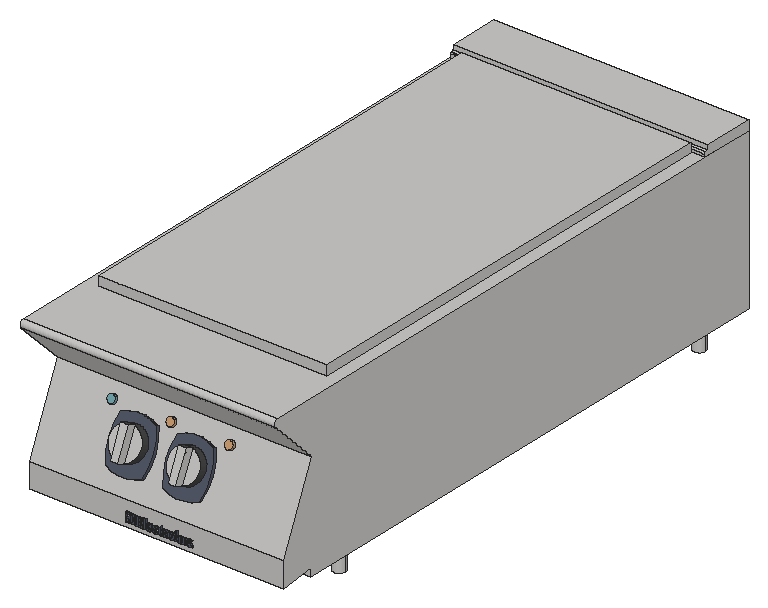
Revit family "QF_ELECTROLUXPROFESSIONAL_391046_E9HOED2000", category Specialty Equipment, Revit 2018
Family settings
  Round Connector Dimension = Use Diameter
  Part Type = Normal
  Work Plane-Based = No
  Always vertical = Yes
  Cut with Voids When Loaded = No
  Shared = No
  Room Calculation Point = No
Parameters
  Width = 400 mm  # constant formula
  Weight in Pounds = 60  # constant formula
  Watts = 7000 VA  # 7000 W
  Volts = 400 V  # constant formula
  URL Cutsheet = "www.electrolux.com/foodservice"
  URL = "www.electrolux.com/foodservice"
  Type Mark [instance] = ""
  Status [instance] = ""
  Specification by User [instance] = ""
  Specification by Manufacturer = ""
  Show Logo [instance] = yes
  Show Clearance [instance] = yes
  Serial Number = ""
  Seismic Rating = ""
  SMACNA No = ""
  Revision Code [instance] = ""
  Phase = 3  # constant formula
  Omniclass Number and Title = ""
  Number of Poles [instance] = 1
  NAFEM Spec ID Number = ""
  Model = "391046"
  Min Ckt Ampacity = 0 A
  Max Overcurrent Protection = 0 A
  Masterspec = ""
  Manufacturer = "ELECTROLUX"
  Item Number [instance] = ""
  Installed By [instance] = ""
  Identify Quantity as Lot [instance] = yes
  Height = 290 mm  # constant formula
  HP = "9.4 HP"
  Furnished By [instance] = ""
  Foodservice Equipment Identifier [instance] = yes
  FL Amps = if(Phase = 3, Watts / (Volts * 1.73), Watts / Volts)  # 10.1156 A
  Electrical Remarks [instance] = "400 V/3N ph/50/60 Hz"  # constant formula
  Electric Connection Type [instance] = ""
  Elec Conn RI Height [instance] = 0 mm
  Elec Conn Connection Height [instance] = 0 mm
  Direct Waste Size = 0"
  Description = "900XP HALF MODULE ELECTRIC HOB COOKING TOP WITH MILD STEEL TOP-400 V"
  Depth = 930 mm  # constant formula
  Cycle = if([60 Hertz Option], 60 Hz, 50 Hz)  # 60 Hz
  Conn Plug = ""
  Conn Conduit = yes
  CSI MasterFormat = ""
  CSI Master Format = ""
  Base Height [instance] = 24 mm  # constant formula
  Apparent Power = if(Phase = 3, Volts * FL Amps * 1.73, Volts * FL Amps)  # 7000 VA
  60 Hertz Option = not([50 Hertz Option])  # yes
  50 Hertz Option = no
Reference planes
  plane 1 "BACK": y = 0
  plane 2: z = 0
  plane 3 "LEFT": x = 0
  plane 4 "RIGHT": x = 400
  plane 5 "FRONT": y = -930
  plane 6 "TOP": z = 290
  plane 7 "Center Y": x = 200
  plane 8 "Center X": y = -465
  plane 9 "BASE": z = 24
  plane 10 "TOP A": z = 275
  plane 11: y = -790
  plane 12: y = -82
  plane 13: z = 55
  plane 14: y = 39
Forms (mm)
  Extrusion 1, solid, material "QF_Finishes_Stainless Steel"
    sketch origin (0, 0, 0) x (0, 1, 0) y (0, 0, 1)
      loop
        line (0, 275) -> (-925.027, 275)
        arc (-925.027, 275) -> (-930.893, 271.08) -> (-929.517, 264.16) r 6.35
        line (-929.517, 264.16) -> (-857.416, 191.809) -> (-913.522, 69.19) -> (-913.522, 31.09) -> (-860.4, 36.7) -> (-860.4, 24) -> (0, 24) -> (0, 275)
    from 0 to 400
  Extrusion 2, solid, material "QF_Finishes_Stainless Steel"
    sketch origin (0, 0, 0) x (1, 0, 0) y (0, 1, 0)
      loop
        circle (11.112, -82) r 9.525
      loop
        circle (388.887, -82) r 9.525
      loop
        circle (11.112, -790) r 9.525
      loop
        circle (388.887, -790) r 9.525
    from 0 to 24
  Extrusion 3, solid, material "QF_Clearances", visible <- "Show Clearance", detail levels coarse
    sketch origin (0, 0, 0) x (1, 0, 0) y (0, 1, 0)
      loop
        line (0, -930) -> (0, 0) -> (400, 0) -> (400, -930) -> (550.019, -930) -> (550.019, 150.019) -> (-150.019, 150.019) -> (-150.019, -930) -> (0, -930)
    from 0 to 290
  Extrusion 4, solid, material "QF_Finishes_Navy Blue"
    sketch origin (835.325, -913.522, 69.19) x (0, 0.416078, 0.909329) y (-1, 0, 0)
      loop
        arc (101.077, 723.085) -> (66.2, 730.102) -> (31.333, 723.04) r 89.894
        arc (31.333, 723.04) -> (24.638, 694.51) -> (31.333, 665.979) r 64.14
        arc (31.333, 665.979) -> (66.2, 658.914) -> (101.077, 665.935) r 89.853
        arc (101.077, 665.935) -> (107.792, 694.51) -> (101.077, 723.085) r 64.16
      loop
        arc (101.077, 633.085) -> (66.2, 640.102) -> (31.333, 633.04) r 89.894
        arc (31.333, 633.04) -> (24.638, 604.51) -> (31.333, 575.979) r 64.14
        arc (31.333, 575.979) -> (66.2, 568.914) -> (101.077, 575.935) r 89.853
        arc (101.077, 575.935) -> (107.792, 604.51) -> (101.077, 633.085) r 64.16
    from 0 to 3.175
  Extrusion 5, solid, material "QF_Finishes_Stainless Steel"
    sketch origin (835.325, -916.409, 70.511) x (0, 0.416078, 0.909329) y (-1, 0, 0)
      loop
        circle (68.826, 604.332) r 25.4
      loop
        circle (68.826, 695.582) r 25.4
    from 0 to 12.7
  Extrusion 6, solid, material "QF_Finishes_Stainless Steel"
    sketch origin (835.325, -927.958, 75.796) x (0, 0.416078, 0.909329) y (-1, 0, 0)
      loop
        line (93.558, 610.119) -> (44.094, 610.119)
        arc (44.094, 610.119) -> (43.426, 604.332) -> (44.094, 598.546) r 25.4
        line (44.094, 598.546) -> (93.558, 598.546)
        arc (93.558, 598.546) -> (94.226, 604.332) -> (93.558, 610.119) r 25.4
      loop
        line (93.558, 701.369) -> (44.094, 701.369)
        arc (44.094, 701.369) -> (43.426, 695.582) -> (44.094, 689.796) r 25.4
        line (44.094, 689.796) -> (93.558, 689.796)
        arc (93.558, 689.796) -> (94.226, 695.582) -> (93.558, 701.369) r 25.4
    from 0 to 12.7
  Extrusion 7, solid, material "QF_Finishes_Stainless Steel"
    sketch origin (800, 0, 0) x (0, 1, 0) y (0, 0, 1)
      loop
        line (0, 290) -> (-80, 290) -> (-80, 283.447)
        arc (-80, 283.447) -> (-80.635, 281.914) -> (-82.167, 281.279) r 2.167
        line (-82.167, 281.279) -> (-83.733, 281.279)
        arc (-83.733, 281.279) -> (-84.629, 280.908) -> (-85, 280.012) r 1.267
        line (-85, 280.012) -> (-85, 275) -> (0, 275) -> (0, 290)
    from -800 to -400
  Extrusion 8, solid, material "QF_Finishes_Polymer"
    sketch origin (0, -913.522, 69.19) x (0, 0.416078, 0.909329) y (-1, 0, 0)
      loop
        circle (111.417, -94.398) r 6.35
    from 0 to 3.175
  Extrusion 9, solid, material "QF_Finishes_Navy Blue", visible <- "Show Logo"
    sketch origin (0, -915, 31.09) x (0, 0, 1) y (-1, 0, 0)
      loop
        line (22.074, -162.506) -> (9.707, -162.506)
        arc (9.707, -162.506) -> (15.891, -167.078) -> (22.074, -162.506) r 6.467
      loop
        arc (22.074, -161.877) -> (20.905, -156.734) -> (16.249, -154.256) r 6.338
        line (16.249, -154.256) -> (16.249, -156.302)
        arc (16.249, -156.302) -> (17.733, -159.957) -> (21.178, -161.877) r 5.941
        line (21.178, -161.877) -> (22.074, -161.877)
      loop
        arc (10.603, -161.877) -> (14.048, -159.957) -> (15.532, -156.302) r 5.941
        line (15.532, -156.302) -> (15.532, -154.256)
        arc (15.532, -154.256) -> (10.838, -156.73) -> (9.548, -161.877) r 6.504
        line (9.548, -161.877) -> (10.603, -161.877)
      loop
        line (22.749, -153.787) -> (9.004, -153.787) -> (9.004, -167.55) -> (22.749, -167.55) -> (22.749, -153.787)
      loop
        arc (22.832, -170.518) -> (22.485, -170.16) -> (22.118, -170.498) r 0.358
        arc (22.118, -170.498) -> (21.804, -171.248) -> (21.087, -171.633) r 1.216
        line (21.087, -171.633) -> (10.674, -171.633)
        arc (10.674, -171.633) -> (10.014, -171.356) -> (9.618, -170.759) r 1.238
        arc (9.618, -170.759) -> (9.223, -170.508) -> (8.918, -170.862) r 0.358
        line (8.918, -170.862) -> (8.918, -180.741) -> (11.669, -180.741) -> (11.669, -179.844)
        arc (11.669, -179.844) -> (10.76, -179.264) -> (10.304, -178.287) r 1.928
        line (10.304, -178.287) -> (10.304, -175.788)
        arc (10.304, -175.788) -> (10.58, -175.059) -> (11.268, -174.695) r 1.101
        line (11.268, -174.695) -> (15.355, -174.695) -> (15.355, -178.369)
        arc (15.355, -178.369) -> (15.002, -178.866) -> (14.437, -179.094) r 1.083
        arc (14.437, -179.094) -> (14.173, -179.399) -> (14.465, -179.677) r 0.292
        line (14.465, -179.677) -> (17.428, -179.677)
        arc (17.428, -179.677) -> (17.73, -179.404) -> (17.492, -179.074) r 0.305
        arc (17.492, -179.074) -> (17.001, -178.826) -> (16.696, -178.369) r 1.083
        line (16.696, -178.369) -> (16.696, -174.695) -> (21.373, -174.695) -> (21.373, -178.443)
        arc (21.373, -178.443) -> (21.159, -179.198) -> (20.553, -179.696) r 1.314
        arc (20.553, -179.696) -> (20.334, -180.1) -> (20.688, -180.393) r 0.361
        line (20.688, -180.393) -> (22.832, -180.393) -> (22.832, -170.518)
      loop
        arc (22.115, -181.173) -> (21.735, -182.092) -> (20.816, -182.472) r 1.299
        line (20.816, -182.472) -> (11.237, -182.472)
        arc (11.237, -182.472) -> (10.399, -182.094) -> (10.128, -181.216) r 1.118
        line (10.128, -181.216) -> (8.918, -181.216) -> (8.918, -186.566) -> (10.106, -186.566)
        arc (10.106, -186.566) -> (10.378, -185.649) -> (11.248, -185.253) r 1.153
        line (11.248, -185.253) -> (23.32, -185.253) -> (22.115, -181.173)
      loop
        line (13.883, -189.202) -> (13.883, -195.65) -> (14.682, -195.65)
        arc (14.682, -195.65) -> (17.262, -194.665) -> (18.531, -192.212) r 3.874
        line (18.531, -192.212) -> (18.531, -190.451)
        arc (18.531, -190.451) -> (17.344, -187.586) -> (14.48, -186.4) r 4.051
        line (14.48, -186.4) -> (12.472, -186.4)
        arc (12.472, -186.4) -> (9.653, -187.885) -> (8.602, -190.892) r 4.352
        arc (8.602, -190.892) -> (8.966, -193.355) -> (10.343, -195.429) r 5.713
        line (10.343, -195.429) -> (11.292, -195.429)
        arc (11.292, -195.429) -> (10.56, -193.86) -> (10.343, -192.142) r 5.579
        arc (10.343, -192.142) -> (11.137, -190.179) -> (13.016, -189.202) r 3.057
        line (13.016, -189.202) -> (13.883, -189.202)
      loop
        line (15.142, -189.202) -> (15.142, -192.784)
        arc (15.142, -192.784) -> (16.599, -192.832) -> (17.482, -191.672) r 1.59
        line (17.482, -191.672) -> (17.482, -190.842)
        arc (17.482, -190.842) -> (16.617, -189.587) -> (15.142, -189.202) r 2.184
      loop
        arc (17.933, -205.067) -> (18.422, -203.393) -> (18.579, -201.656) r 9.023
        line (18.579, -201.656) -> (18.579, -200.294)
        arc (18.579, -200.294) -> (17.42, -197.494) -> (14.62, -196.335) r 3.959
        line (14.62, -196.335) -> (12.02, -196.335)
        arc (12.02, -196.335) -> (9.738, -197.627) -> (8.621, -200) r 4.331
        line (8.621, -200) -> (8.621, -202.135)
        arc (8.621, -202.135) -> (9.129, -203.685) -> (10.051, -205.031) r 5.772
        arc (10.051, -205.031) -> (10.812, -205.082) -> (10.899, -204.323) r 0.553
        arc (10.899, -204.323) -> (10.511, -203.589) -> (10.377, -202.77) r 2.573
        line (10.377, -202.77) -> (10.377, -201.255)
        arc (10.377, -201.255) -> (11.383, -199.614) -> (13.198, -198.971) r 2.884
        line (13.198, -198.971) -> (14.477, -198.971)
        arc (14.477, -198.971) -> (16.298, -199.531) -> (17.224, -201.196) r 2.554
        line (17.224, -201.196) -> (17.224, -202.249)
        arc (17.224, -202.249) -> (16.893, -203.177) -> (16.236, -203.912) r 2.564
        arc (16.236, -203.912) -> (16.014, -204.629) -> (16.623, -205.067) r 0.643
        line (16.623, -205.067) -> (17.933, -205.067)
      loop
        line (16.915, -205.337) -> (16.915, -206.838) -> (10.867, -206.838)
        arc (10.867, -206.838) -> (9.279, -207.496) -> (8.621, -209.084) r 2.246
        line (8.621, -209.084) -> (8.621, -210.668)
        arc (8.621, -210.668) -> (8.935, -211.533) -> (9.435, -212.304) r 4.06
        arc (9.435, -212.304) -> (10.168, -212.437) -> (10.419, -211.736) r 0.576
        arc (10.419, -211.736) -> (10.313, -211.211) -> (10.377, -210.678) r 1.69
        arc (10.377, -210.678) -> (10.919, -209.89) -> (11.825, -209.587) r 1.506
        line (11.825, -209.587) -> (16.963, -209.587) -> (16.963, -211.984) -> (17.519, -212.541) -> (18.341, -212.541) -> (18.341, -209.681) -> (21.572, -209.681) -> (16.915, -205.337)
      loop
        line (8.838, -213.438) -> (8.838, -218.825) -> (9.948, -218.825)
        arc (9.948, -218.825) -> (10.342, -217.874) -> (11.293, -217.48) r 1.345
        line (11.293, -217.48) -> (14.909, -217.48)
        arc (14.909, -217.48) -> (15.674, -218.072) -> (15.964, -218.994) r 1.615
        line (15.964, -218.994) -> (15.964, -220.55) -> (18.519, -221.235) -> (18.519, -219.852) -> (16.577, -217.293) -> (18.457, -217.293) -> (18.173, -214.587)
        arc (18.173, -214.587) -> (17.733, -214.057) -> (17.074, -214.258) r 0.621
        arc (17.074, -214.258) -> (16.674, -214.6) -> (16.18, -214.783) r 1.501
        line (16.18, -214.783) -> (11.293, -214.783)
        arc (11.293, -214.783) -> (10.342, -214.389) -> (9.948, -213.438) r 1.345
        line (9.948, -213.438) -> (8.838, -213.438)
      loop
        line (14.94, -220.772) -> (12.248, -220.772)
        arc (12.248, -220.772) -> (9.803, -222.08) -> (8.669, -224.611) r 4.288
        arc (8.669, -224.611) -> (8.605, -225.991) -> (8.669, -227.371) r 15.022
        arc (8.669, -227.371) -> (9.803, -229.902) -> (12.248, -231.209) r 4.288
        line (12.248, -231.209) -> (14.94, -231.209)
        arc (14.94, -231.209) -> (17.386, -229.902) -> (18.519, -227.371) r 4.288
        arc (18.519, -227.371) -> (18.583, -225.991) -> (18.519, -224.611) r 15.022
        arc (18.519, -224.611) -> (17.386, -222.08) -> (14.94, -220.772) r 4.288
      loop
        line (15.145, -223.886) -> (12.043, -223.886)
        arc (12.043, -223.886) -> (9.886, -226.043) -> (12.043, -228.2) r 2.157
        line (12.043, -228.2) -> (15.145, -228.2)
        arc (15.145, -228.2) -> (17.302, -226.043) -> (15.145, -223.886) r 2.157
      loop
        arc (22.126, -231.068) -> (21.755, -231.962) -> (20.861, -232.332) r 1.264
        line (20.861, -232.332) -> (10.997, -232.332)
        arc (10.997, -232.332) -> (10.127, -231.935) -> (9.855, -231.019) r 1.153
        line (9.855, -231.019) -> (8.918, -231.019) -> (8.918, -236.127) -> (9.846, -236.127)
        arc (9.846, -236.127) -> (10.205, -235.355) -> (10.997, -235.04) r 1.153
        line (10.997, -235.04) -> (23.32, -235.04) -> (22.126, -231.068)
      loop
        arc (17.246, -235.665) -> (17.047, -236.729) -> (16.078, -237.211) r 1.215
        line (16.078, -237.211) -> (11.058, -237.211)
        arc (11.058, -237.211) -> (9.443, -237.859) -> (8.722, -239.442) r 2.338
        line (8.722, -239.442) -> (8.722, -240.956)
        arc (8.722, -240.956) -> (8.897, -241.96) -> (9.399, -242.846) r 2.979
        line (9.399, -242.846) -> (8.918, -244.643) -> (8.918, -246.332) -> (18.343, -246.332) -> (18.049, -242.128) -> (17.263, -242.128)
        arc (17.263, -242.128) -> (16.907, -242.964) -> (16.155, -243.473) r 1.605
        line (16.155, -243.473) -> (11.052, -243.473)
        arc (11.052, -243.473) -> (10.632, -242.536) -> (10.559, -241.512) r 2.94
        arc (10.559, -241.512) -> (11.12, -240.411) -> (12.273, -239.968) r 1.724
        line (12.273, -239.968) -> (18.47, -239.968) -> (17.246, -235.665)
      loop
        line (18.274, -247.185) -> (16.602, -249.231) -> (13.428, -251.537) -> (9.972, -248.425)
        arc (9.972, -248.425) -> (9.735, -248.031) -> (9.757, -247.572) r 0.789
        line (9.757, -247.572) -> (8.918, -247.572) -> (8.918, -251.117) -> (9.744, -251.117)
        arc (9.744, -251.117) -> (10.086, -250.755) -> (10.576, -250.847) r 0.52
        line (10.576, -250.847) -> (12.376, -252.318) -> (10.258, -253.694)
        arc (10.258, -253.694) -> (9.857, -253.384) -> (9.77, -252.884) r 0.7
        line (9.77, -252.884) -> (8.918, -252.884) -> (8.918, -258.811) -> (9.805, -258.811)
        arc (9.805, -258.811) -> (9.872, -258.152) -> (10.266, -257.621) r 1.247
        line (10.266, -257.621) -> (14.466, -254.34) -> (16.913, -256.393) -> (18.274, -258.135) -> (18.274, -254.412) -> (16.789, -254.834) -> (15.268, -253.557) -> (16.968, -252.367) -> (18.274, -253.144) -> (18.274, -247.185)
    from 0 to 1.644
  Revolve 10, solid, material "QF_Finishes_Stainless Steel"
    sketch origin (340, 0, 0) x (0, 1, 0) y (0, 0, 1)
      loop
        line (0, 55) -> (39, 55) -> (39, 71.995) -> (5, 71.995) -> (5, 65) -> (0, 65) -> (0, 55)
      axis (39, 55) -> (0, 55)
    angle from 0 to 360
  Extrusion 11, solid, material "QF_Finishes_Brown"
    sketch origin (92.832, -913.522, 69.19) x (0, 0.416078, 0.909329) y (-1, 0, 0)
      loop
        circle (111.417, -94.398) r 6.35
      loop
        circle (111.417, -186.636) r 6.35
    from 0 to 3.175
  Extrusion 12, solid, material "QF_Finishes_Stainless Steel"
    sketch origin (0, 0, 275) x (0, -1, 0) y (1, 0, 0)
      loop
        line (88, 20) -> (803, 20) -> (803, 380) -> (88, 380) -> (88, 20)
    from 0 to 15
Lines and regions (mm)
  symbolic lines, style "QF_Clearances", visible <- "Show Clearance", detail levels coarse
    curve 1: line (-150.019, 150.019, 275) -> (-150.019, -931.377, 275)
    curve 2: line (550.019, 150.019, 275) -> (-150.019, 150.019, 275)
    curve 3: line (550.019, -931.377, 275) -> (550.019, 150.019, 275)
  symbolic lines
    curve 4: line (0, 0, 275) -> (400, 0, 275)
    curve 5: line (0, -930, 275) -> (0, 0, 275)
    curve 6: line (400, 0, 275) -> (400, -930, 275)
    curve 7: line (400, -930, 275) -> (0, -930, 275)
    curve 8: line (20, -803, 268.65) -> (20, -88, 268.65)
    curve 9: line (20, -88, 268.65) -> (380, -88, 268.65)
    curve 10: line (380, -88, 268.65) -> (380, -803, 268.65)
    curve 11: line (380, -803, 268.65) -> (20, -803, 268.65)
    curve 12: line (0, -85, 268.65) -> (400, -85, 268.65)
    curve 13: line (0, -80, 268.65) -> (400, -80, 268.65)
Dimensions and locks
  equal spacing: plane 3 "LEFT", plane 7 "Center Y", plane 4 "RIGHT"
  "Width": plane 3 "LEFT" to plane 4 "RIGHT"
  equal spacing: plane 5 "FRONT", plane 8 "Center X", plane 1 "BACK"
  "Depth": plane 5 "FRONT" to plane 1 "BACK"
  "Height": plane 6 "TOP" to level
  "Base Height": plane 9 "BASE" to level
  plane 1 "BACK" to plane 5 "FRONT" = 930 mm
  plane 10 "TOP A" to plane 9 "BASE" = 251 mm  (x3)
  plane 1 "BACK" to plane 12 = 82 mm
  locked: plane 12 to plane 11 at 708
  plane 6 "TOP" to level = 290 mm
  plane 9 "BASE" to level = 24 mm
  Extrusion 1 sketch curve to Extrusion 1 sketch curve to Extrusion 1 sketch curve to Extrusion 1 sketch curve to Extrusion 1 sketch curve to Extrusion 1 sketch curve to Extrusion 1 sketch curve = 2.984 mm locked, 0 mm locked, 53.122 mm locked, 0 mm locked, 11.505 mm locked, 4.49 mm locked
  plane 12 to plane 1 "BACK" = 82 mm
  plane 11 to plane 12 = 708 mm
  plane 6 "TOP" to plane 2 = 290 mm
  Extrusion 2 sketch curve to plane 1 "BACK" = 82 mm
  Extrusion 2 sketch curve to plane 12 = 708 mm
  plane 13 to plane 2 = 55 mm
  plane 14 to plane 1 "BACK" = 39 mm
  Extrusion 12 sketch curve to plane 1 "BACK" = 88 mm
  Extrusion 12 sketch curve to Extrusion 12 sketch curve = 715 mm
  plane 6 "TOP" to plane 10 "TOP A" = 15 mm
  plane 9 "BASE" to plane 2 = 24 mm
  aligned and locked: level to plane 2
Automatic sketch dimensions
  curve 6 to plane 4 "RIGHT" = 0 mm
  curve 5 to plane 3 "LEFT" = 0 mm
  plane 1 "BACK" to curve 5 = 0 mm
  plane 5 "FRONT" to curve 7 = 0 mm
  plane 4 "RIGHT" to curve 3 = 150.019 mm
  plane 5 "FRONT" to curve 1 = 1.377 mm
  curve 1 to plane 3 "LEFT" = 150.019 mm
  plane 14 to curve 1 = 111.019 mm
  plane 5 "FRONT" to curve 3 = 1.377 mm
  Extrusion 1 sketch curve to plane 10 "TOP A" = 0 mm
  Extrusion 1 sketch curve to plane 9 "BASE" = 0 mm
  Extrusion 1 sketch curve to plane 1 "BACK" = 0 mm
  plane 11 to Extrusion 1 sketch curve = 67.416 mm
  plane 9 "BASE" to Extrusion 1 sketch curve = 7.09 mm
  plane 9 "BASE" to Extrusion 1 sketch curve = 12.7 mm
  plane 13 to Extrusion 1 sketch curve = 14.19 mm
  Extrusion 1 sketch curve to plane 10 "TOP A" = 83.191 mm
  Extrusion 1 sketch curve to plane 10 "TOP A" = 10.84 mm
  plane 11 to Extrusion 2 sketch curve = 0 mm
  plane 12 to Extrusion 2 sketch curve = 0 mm
  plane 3 "LEFT" to Extrusion 2 sketch curve = 11.112 mm  (x2)
  Extrusion 2 sketch curve to plane 4 "RIGHT" = 11.113 mm  (x2)
  Extrusion 3 sketch curve to plane 3 "LEFT" = 0 mm
  plane 1 "BACK" to Extrusion 3 sketch curve = 0 mm
  Extrusion 3 sketch curve to plane 4 "RIGHT" = 0 mm
  Extrusion 3 sketch curve to plane 3 "LEFT" = 150.019 mm
  plane 5 "FRONT" to Extrusion 3 sketch curve = 0 mm  (x2)
  plane 4 "RIGHT" to Extrusion 3 sketch curve = 150.019 mm
  plane 14 to Extrusion 3 sketch curve = 111.019 mm
  curve 12 to plane 4 "RIGHT" = 0 mm
  curve 13 to plane 4 "RIGHT" = 0 mm
  curve 13 to plane 3 "LEFT" = 0 mm
  curve 12 to plane 3 "LEFT" = 0 mm
  plane 11 to curve 11 = 13 mm
  curve 11 to plane 4 "RIGHT" = 20 mm
  plane 3 "LEFT" to curve 11 = 20 mm
  plane 12 to curve 9 = 6 mm
  plane 12 to curve 12 = 3 mm
  curve 13 to plane 12 = 2 mm
  Extrusion 4 sketch curve to Extrusion 1 = 31.333 mm  (x4)
  Extrusion 4 sketch curve to Extrusion 4 sketch curve = 12.3 mm  (x6)
  Extrusion 4 sketch curve to Extrusion 4 sketch curve = 34.925 mm  (x3)
  Extrusion 4 sketch curve to Extrusion 4 sketch curve = 0 mm
  Extrusion 4 sketch curve to Extrusion 4 sketch curve = 22.52 mm  (x2)
  Extrusion 1 to Extrusion 4 sketch curve = 114.883 mm
  Extrusion 4 sketch curve to Extrusion 4 sketch curve = 25.727 mm
  Extrusion 4 sketch curve to Extrusion 4 sketch curve = 25.771 mm
  Extrusion 4 sketch curve to Extrusion 4 sketch curve = 28.531 mm  (x2)
  Extrusion 4 sketch curve to Extrusion 4 sketch curve = 18.56 mm
  Extrusion 4 sketch curve to Extrusion 4 sketch curve = 32.85 mm
  Extrusion 4 sketch curve to Extrusion 4 sketch curve = 32.939 mm
  Extrusion 5 sketch curve to Extrusion 5 sketch curve = 0 mm
  Extrusion 5 sketch curve to Extrusion 5 sketch curve = 91.25 mm
  Extrusion 6 sketch curve to Extrusion 6 sketch curve = 24.732 mm  (x2)
  Extrusion 6 sketch curve to Extrusion 6 sketch curve = 0 mm  (x2)
  Extrusion 7 sketch curve to plane 10 "TOP A" = 0 mm
  Extrusion 7 sketch curve to plane 6 "TOP" = 0 mm
  Extrusion 7 sketch curve to plane 1 "BACK" = 0 mm
  Extrusion 7 sketch curve to plane 12 = 2 mm
  plane 12 to Extrusion 7 sketch curve = 0.167 mm
  Extrusion 7 sketch curve to Extrusion 7 sketch curve = 1.566 mm
  plane 12 to Extrusion 7 sketch curve = 3 mm
  Extrusion 7 sketch curve to Extrusion 7 sketch curve = 5.012 mm
  Extrusion 1 to Extrusion 8 sketch curve = 23.428 mm
  Extrusion 1 to Extrusion 8 sketch curve = 94.398 mm
  Extrusion 9 sketch curve to plane 7 "Center Y" = 0 mm
  plane 9 "BASE" to Extrusion 9 sketch curve = 10.651 mm
  Extrusion 9 sketch curve to plane 13 = 15.308 mm
  Extrusion 9 sketch curve to plane 13 = 15.289 mm
  Extrusion 9 sketch curve to Extrusion 9 sketch curve = 0 mm  (x28)
  Extrusion 9 sketch curve to Extrusion 9 sketch curve = 5.108 mm
  Extrusion 9 sketch curve to Extrusion 9 sketch curve = 0.054 mm
  Extrusion 9 sketch curve to Extrusion 9 sketch curve = 0.218 mm
  Extrusion 9 sketch curve to Extrusion 9 sketch curve = 0.195 mm
  Extrusion 9 sketch curve to Extrusion 9 sketch curve = 0.249 mm
  Extrusion 9 sketch curve to plane 13 = 14.992 mm
  Extrusion 9 sketch curve to Extrusion 9 sketch curve = 0.087 mm
  Extrusion 9 sketch curve to Extrusion 9 sketch curve = 0.358 mm
  Extrusion 9 sketch curve to Extrusion 9 sketch curve = 0.481 mm
  Extrusion 9 sketch curve to Extrusion 9 sketch curve = 0.597 mm
  Extrusion 9 sketch curve to Extrusion 9 sketch curve = 0.544 mm
  Extrusion 9 sketch curve to Extrusion 9 sketch curve = 0.936 mm
  Extrusion 9 sketch curve to Extrusion 9 sketch curve = 0.594 mm
  Extrusion 9 sketch curve to Extrusion 9 sketch curve = 0.343 mm
  Extrusion 9 sketch curve to Extrusion 9 sketch curve = 0.159 mm
  Extrusion 9 sketch curve to Extrusion 9 sketch curve = 0.826 mm
  Extrusion 9 sketch curve to Extrusion 9 sketch curve = 0.839 mm
  Extrusion 9 sketch curve to Extrusion 9 sketch curve = 0.852 mm
  Extrusion 9 sketch curve to Extrusion 9 sketch curve = 0.887 mm
  Extrusion 9 sketch curve to Extrusion 9 sketch curve = 0.928 mm
  Extrusion 9 sketch curve to Extrusion 9 sketch curve = 0.938 mm
  Extrusion 9 sketch curve to Extrusion 9 sketch curve = 0.444 mm
  Extrusion 9 sketch curve to Extrusion 9 sketch curve = 1.11 mm  (x3)
  Extrusion 9 sketch curve to Extrusion 9 sketch curve = 0.215 mm
  Extrusion 9 sketch curve to Extrusion 9 sketch curve = 1.43 mm
  Extrusion 9 sketch curve to Extrusion 9 sketch curve = 1.188 mm
  Extrusion 9 sketch curve to Extrusion 9 sketch curve = 1.21 mm  (x2)
  Extrusion 9 sketch curve to Extrusion 9 sketch curve = 0.503 mm
  Extrusion 9 sketch curve to Extrusion 9 sketch curve = 0.488 mm
  Extrusion 9 sketch curve to Extrusion 9 sketch curve = 0.462 mm
  Extrusion 9 sketch curve to Extrusion 9 sketch curve = 1.386 mm
  Extrusion 9 sketch curve to Extrusion 9 sketch curve = 1.742 mm  (x2)
  Extrusion 9 sketch curve to Extrusion 9 sketch curve = 0.821 mm
  Extrusion 9 sketch curve to Extrusion 9 sketch curve = 0.497 mm
  Extrusion 9 sketch curve to Extrusion 9 sketch curve = 0.539 mm
  Extrusion 9 sketch curve to Extrusion 9 sketch curve = 0.199 mm
  Extrusion 9 sketch curve to Extrusion 9 sketch curve = 0.408 mm
  Extrusion 9 sketch curve to Extrusion 9 sketch curve = 0.743 mm
  Extrusion 9 sketch curve to Extrusion 9 sketch curve = 1.16 mm
  Extrusion 9 sketch curve to Extrusion 9 sketch curve = 0.329 mm
  Extrusion 9 sketch curve to Extrusion 9 sketch curve = 1.054 mm
  Extrusion 9 sketch curve to Extrusion 9 sketch curve = 1.056 mm
  Extrusion 9 sketch curve to Extrusion 9 sketch curve = 0.129 mm
  Extrusion 9 sketch curve to Extrusion 9 sketch curve = 0.489 mm
  Extrusion 9 sketch curve to Extrusion 9 sketch curve = 0.441 mm
  Extrusion 9 sketch curve to Extrusion 9 sketch curve = 1.151 mm
  Extrusion 9 sketch curve to Extrusion 9 sketch curve = 1.141 mm  (x2)
  Extrusion 9 sketch curve to Extrusion 9 sketch curve = 0.768 mm
  Extrusion 9 sketch curve to Extrusion 9 sketch curve = 1.653 mm
  Extrusion 9 sketch curve to Extrusion 9 sketch curve = 0.499 mm
  Extrusion 9 sketch curve to Extrusion 9 sketch curve = 0.964 mm
  Extrusion 9 sketch curve to Extrusion 9 sketch curve = 0.949 mm
  Extrusion 9 sketch curve to Extrusion 9 sketch curve = 1.345 mm  (x2)
  Extrusion 9 sketch curve to Extrusion 9 sketch curve = 1.101 mm
  Extrusion 9 sketch curve to Extrusion 9 sketch curve = 0.432 mm
  Extrusion 9 sketch curve to Extrusion 9 sketch curve = 1.142 mm
  Extrusion 9 sketch curve to Extrusion 9 sketch curve = 0.959 mm
  Extrusion 9 sketch curve to Extrusion 9 sketch curve = 0.176 mm
  Extrusion 9 sketch curve to Extrusion 9 sketch curve = 0.728 mm
  Extrusion 9 sketch curve to Extrusion 9 sketch curve = 3.375 mm  (x2)
  Extrusion 9 sketch curve to Extrusion 9 sketch curve = 0.541 mm
  Extrusion 9 sketch curve to Extrusion 9 sketch curve = 0.955 mm
  Extrusion 9 sketch curve to Extrusion 9 sketch curve = 1.251 mm
  Extrusion 9 sketch curve to Extrusion 9 sketch curve = 0.572 mm
  Extrusion 9 sketch curve to Extrusion 9 sketch curve = 1.92 mm
  Extrusion 9 sketch curve to Extrusion 9 sketch curve = 1.224 mm
  Extrusion 9 sketch curve to Extrusion 9 sketch curve = 0.745 mm
  plane 7 "Center Y" to Extrusion 9 sketch curve = 0.572 mm
  Extrusion 9 sketch curve to Extrusion 9 sketch curve = 2.537 mm
  Extrusion 9 sketch curve to Extrusion 9 sketch curve = 0.896 mm  (x3)
  Extrusion 9 sketch curve to Extrusion 9 sketch curve = 0.036 mm
  Extrusion 9 sketch curve to Extrusion 9 sketch curve = 2.607 mm
  Extrusion 9 sketch curve to Extrusion 9 sketch curve = 0.066 mm
  Extrusion 9 sketch curve to Extrusion 9 sketch curve = 0.248 mm
  Extrusion 9 sketch curve to Extrusion 9 sketch curve = 0.449 mm
  Extrusion 9 sketch curve to Extrusion 9 sketch curve = 1.052 mm
  Extrusion 9 sketch curve to Extrusion 9 sketch curve = 1.863 mm
  Extrusion 9 sketch curve to Extrusion 9 sketch curve = 1.31 mm  (x2)
  Extrusion 9 sketch curve to Extrusion 9 sketch curve = 0.901 mm
  Extrusion 9 sketch curve to Extrusion 9 sketch curve = 1.107 mm
  Extrusion 9 sketch curve to Extrusion 9 sketch curve = 2.122 mm
  Extrusion 9 sketch curve to Extrusion 9 sketch curve = 2.101 mm
  Extrusion 9 sketch curve to Extrusion 9 sketch curve = 0.106 mm
  Extrusion 9 sketch curve to Extrusion 9 sketch curve = 0.029 mm
  Extrusion 9 sketch curve to Extrusion 9 sketch curve = 2.09 mm
  Extrusion 9 sketch curve to Extrusion 9 sketch curve = 1.279 mm
  Extrusion 9 sketch curve to Extrusion 9 sketch curve = 2.008 mm
  Extrusion 9 sketch curve to Extrusion 9 sketch curve = 0.738 mm
  Extrusion 9 sketch curve to Extrusion 9 sketch curve = 0.382 mm
  Extrusion 9 sketch curve to Extrusion 9 sketch curve = 0.384 mm
  Extrusion 9 sketch curve to Extrusion 9 sketch curve = 0.002 mm
  Extrusion 9 sketch curve to Extrusion 9 sketch curve = 0.561 mm
  Extrusion 9 sketch curve to Extrusion 9 sketch curve = 0.592 mm
  Extrusion 9 sketch curve to Extrusion 9 sketch curve = 2.692 mm
  Extrusion 9 sketch curve to Extrusion 9 sketch curve = 1.259 mm
  Extrusion 9 sketch curve to Extrusion 9 sketch curve = 0.802 mm
  Extrusion 9 sketch curve to Extrusion 9 sketch curve = 1.024 mm  (x2)
  Extrusion 9 sketch curve to Extrusion 9 sketch curve = 0.682 mm
  Extrusion 9 sketch curve to Extrusion 9 sketch curve = 5.934 mm
  Extrusion 9 sketch curve to Extrusion 9 sketch curve = 2.186 mm
  Extrusion 9 sketch curve to Extrusion 9 sketch curve = 0.337 mm
  Extrusion 9 sketch curve to Extrusion 9 sketch curve = 0.021 mm
  Extrusion 9 sketch curve to Extrusion 9 sketch curve = 1.005 mm
  Extrusion 9 sketch curve to Extrusion 9 sketch curve = 0.552 mm
  Extrusion 9 sketch curve to Extrusion 9 sketch curve = 0.778 mm
  Extrusion 9 sketch curve to Extrusion 9 sketch curve = 0.063 mm
  Extrusion 9 sketch curve to Extrusion 9 sketch curve = 1.023 mm
  Extrusion 9 sketch curve to Extrusion 9 sketch curve = 3.804 mm
  Extrusion 9 sketch curve to Extrusion 9 sketch curve = 0.486 mm
  Extrusion 9 sketch curve to Extrusion 9 sketch curve = 0.266 mm  (x2)
  Extrusion 9 sketch curve to Extrusion 9 sketch curve = 1.547 mm
  Extrusion 9 sketch curve to Extrusion 9 sketch curve = 0.717 mm  (x2)
  Extrusion 9 sketch curve to Extrusion 9 sketch curve = 1.667 mm
  Extrusion 9 sketch curve to Extrusion 9 sketch curve = 3.174 mm
  Extrusion 9 sketch curve to Extrusion 9 sketch curve = 0.388 mm
  Extrusion 9 sketch curve to Extrusion 9 sketch curve = 1.342 mm
  Extrusion 9 sketch curve to Extrusion 9 sketch curve = 1.521 mm
  Extrusion 9 sketch curve to Extrusion 9 sketch curve = 0.124 mm
  Extrusion 9 sketch curve to Extrusion 9 sketch curve = 0.291 mm
  Extrusion 9 sketch curve to Extrusion 9 sketch curve = 1.049 mm  (x2)
  Extrusion 9 sketch curve to Extrusion 9 sketch curve = 1.7 mm
  Extrusion 9 sketch curve to Extrusion 9 sketch curve = 0.894 mm
  Extrusion 9 sketch curve to Extrusion 9 sketch curve = 0.989 mm
  Extrusion 9 sketch curve to Extrusion 9 sketch curve = 1.168 mm
  Extrusion 9 sketch curve to Extrusion 9 sketch curve = 1.594 mm
  Extrusion 9 sketch curve to Extrusion 9 sketch curve = 0.731 mm
  Extrusion 9 sketch curve to Extrusion 9 sketch curve = 1.566 mm
  Extrusion 9 sketch curve to Extrusion 9 sketch curve = 0.064 mm
  Extrusion 9 sketch curve to Extrusion 9 sketch curve = 0.556 mm  (x3)
  Extrusion 9 sketch curve to Extrusion 9 sketch curve = 0.48 mm
  Extrusion 9 sketch curve to Extrusion 9 sketch curve = 1.018 mm
  Extrusion 9 sketch curve to Extrusion 9 sketch curve = 0.787 mm
  Extrusion 9 sketch curve to Extrusion 9 sketch curve = 0.618 mm
  Extrusion 9 sketch curve to Extrusion 9 sketch curve = 1.672 mm
  Extrusion 9 sketch curve to Extrusion 9 sketch curve = 1.361 mm
  Extrusion 9 sketch curve to Extrusion 9 sketch curve = 0.822 mm
  Extrusion 9 sketch curve to Extrusion 9 sketch curve = 0.069 mm
  Extrusion 9 sketch curve to Extrusion 9 sketch curve = 1.88 mm
  Extrusion 9 sketch curve to Extrusion 9 sketch curve = 0.42 mm
  Extrusion 9 sketch curve to Extrusion 9 sketch curve = 0.062 mm
  Extrusion 9 sketch curve to Extrusion 9 sketch curve = 1.355 mm
  Extrusion 9 sketch curve to Extrusion 9 sketch curve = 2.34 mm
  Extrusion 9 sketch curve to Extrusion 9 sketch curve = 0.493 mm
  Extrusion 9 sketch curve to Extrusion 9 sketch curve = 0.136 mm
  Extrusion 9 sketch curve to Extrusion 9 sketch curve = 0.128 mm
  Extrusion 9 sketch curve to plane 13 = 3.048 mm
  Extrusion 9 sketch curve to plane 13 = 3.006 mm
  Extrusion 9 sketch curve to Extrusion 9 sketch curve = 0.183 mm
  Extrusion 9 sketch curve to Extrusion 9 sketch curve = 0.895 mm
  Extrusion 9 sketch curve to Extrusion 9 sketch curve = 1.314 mm
  Extrusion 9 sketch curve to plane 13 = 2.337 mm
  Extrusion 9 sketch curve to Extrusion 9 sketch curve = 1.299 mm
  Extrusion 9 sketch curve to Extrusion 9 sketch curve = 1.214 mm
  Extrusion 9 sketch curve to Extrusion 9 sketch curve = 1.264 mm
  Extrusion 9 sketch curve to plane 13 = 1.726 mm
  Extrusion 9 sketch curve to Extrusion 9 sketch curve = 0.357 mm
  Extrusion 9 sketch curve to plane 13 = 1.161 mm
  Extrusion 9 sketch curve to plane 13 = 0.589 mm  (x2)
  Extrusion 9 sketch curve to plane 13 = 0.282 mm
  Extrusion 9 sketch curve to Extrusion 9 sketch curve = 0.836 mm
  plane 7 "Center Y" to Extrusion 9 sketch curve = 1.196 mm
  plane 7 "Center Y" to Extrusion 9 sketch curve = 1.255 mm
  Extrusion 9 sketch curve to Extrusion 9 sketch curve = 0.386 mm
  Extrusion 9 sketch curve to Extrusion 9 sketch curve = 1.363 mm
  Extrusion 9 sketch curve to Extrusion 9 sketch curve = 0.458 mm
  Extrusion 9 sketch curve to Extrusion 9 sketch curve = 0.352 mm
  Extrusion 9 sketch curve to Extrusion 9 sketch curve = 0.27 mm  (x2)
  Extrusion 9 sketch curve to Extrusion 9 sketch curve = 1.808 mm
  Extrusion 9 sketch curve to Extrusion 9 sketch curve = 2.748 mm
  Extrusion 9 sketch curve to Extrusion 9 sketch curve = 0.094 mm
  Extrusion 9 sketch curve to Extrusion 9 sketch curve = 0.137 mm  (x2)
  Extrusion 9 sketch curve to Extrusion 9 sketch curve = 2.397 mm
  Extrusion 9 sketch curve to Extrusion 9 sketch curve = 1.322 mm
  Extrusion 9 sketch curve to Extrusion 9 sketch curve = 1.134 mm
  Extrusion 9 sketch curve to Extrusion 9 sketch curve = 2.51 mm
  Extrusion 9 sketch curve to Extrusion 9 sketch curve = 0.187 mm
  Extrusion 9 sketch curve to Extrusion 9 sketch curve = 2.559 mm
  Extrusion 9 sketch curve to Extrusion 9 sketch curve = 1.556 mm
  Extrusion 9 sketch curve to Extrusion 9 sketch curve = 0.222 mm
  Extrusion 9 sketch curve to Extrusion 9 sketch curve = 1.383 mm
  Extrusion 9 sketch curve to Extrusion 9 sketch curve = 3.114 mm
  Extrusion 9 sketch curve to Extrusion 9 sketch curve = 3.376 mm
  Extrusion 9 sketch curve to Extrusion 9 sketch curve = 0.934 mm
  Extrusion 9 sketch curve to Extrusion 9 sketch curve = 0.191 mm
  Extrusion 9 sketch curve to Extrusion 9 sketch curve = 3.696 mm
  Extrusion 9 sketch curve to Extrusion 9 sketch curve = 2.708 mm
  Extrusion 9 sketch curve to Extrusion 9 sketch curve = 3.333 mm
  Extrusion 9 sketch curve to Extrusion 9 sketch curve = 0.332 mm
  Extrusion 9 sketch curve to Extrusion 9 sketch curve = 1.087 mm
  Extrusion 9 sketch curve to Extrusion 9 sketch curve = 2.23 mm
  Extrusion 9 sketch curve to Extrusion 9 sketch curve = 2.757 mm
  Extrusion 9 sketch curve to Extrusion 9 sketch curve = 0.987 mm
  Extrusion 9 sketch curve to Extrusion 9 sketch curve = 1.529 mm
  Extrusion 9 sketch curve to Extrusion 9 sketch curve = 1.796 mm
  Extrusion 9 sketch curve to Extrusion 9 sketch curve = 2.859 mm
  Extrusion 9 sketch curve to Extrusion 9 sketch curve = 0.853 mm
  Extrusion 9 sketch curve to Extrusion 9 sketch curve = 1.241 mm
  Extrusion 9 sketch curve to Extrusion 9 sketch curve = 2.046 mm  (x2)
  Extrusion 9 sketch curve to Extrusion 9 sketch curve = 2.422 mm
  Extrusion 9 sketch curve to Extrusion 9 sketch curve = 0.69 mm
  Extrusion 9 sketch curve to Extrusion 9 sketch curve = 0.781 mm  (x2)
  Extrusion 9 sketch curve to Extrusion 9 sketch curve = 3.136 mm
  Extrusion 9 sketch curve to Extrusion 9 sketch curve = 1.767 mm
  Extrusion 9 sketch curve to Extrusion 9 sketch curve = 0.138 mm
  Extrusion 9 sketch curve to Extrusion 9 sketch curve = 0.777 mm
  Extrusion 9 sketch curve to Extrusion 9 sketch curve = 1.19 mm
  Extrusion 9 sketch curve to Extrusion 9 sketch curve = 0.782 mm
  Extrusion 9 sketch curve to Extrusion 9 sketch curve = 1.268 mm
  Extrusion 9 sketch curve to Extrusion 9 sketch curve = 0.422 mm
  Extrusion 9 sketch curve to Extrusion 9 sketch curve = 1.559 mm
  Extrusion 9 sketch curve to Extrusion 9 sketch curve = 3.927 mm
  Extrusion 9 sketch curve to Extrusion 9 sketch curve = 0.983 mm
  Extrusion 9 sketch curve to Extrusion 9 sketch curve = 0.685 mm
  Extrusion 9 sketch curve to Extrusion 9 sketch curve = 0.905 mm
  Extrusion 9 sketch curve to Extrusion 9 sketch curve = 2.865 mm
  Extrusion 9 sketch curve to Extrusion 9 sketch curve = 0.472 mm
  Extrusion 9 sketch curve to Extrusion 9 sketch curve = 0.101 mm
  Extrusion 9 sketch curve to Extrusion 9 sketch curve = 0.54 mm
  Extrusion 9 sketch curve to Extrusion 9 sketch curve = 0.02 mm
  Extrusion 9 sketch curve to Extrusion 9 sketch curve = 0.468 mm
  Extrusion 9 sketch curve to Extrusion 9 sketch curve = 0.829 mm
  Extrusion 9 sketch curve to Extrusion 9 sketch curve = 0.582 mm
  Extrusion 9 sketch curve to Extrusion 9 sketch curve = 0.166 mm
  Extrusion 9 sketch curve to Extrusion 9 sketch curve = 0.16 mm
  Extrusion 9 sketch curve to Extrusion 9 sketch curve = 2.781 mm
  Extrusion 9 sketch curve to Extrusion 9 sketch curve = 1.118 mm
  Extrusion 9 sketch curve to Extrusion 9 sketch curve = 0.613 mm
  Extrusion 9 sketch curve to Extrusion 9 sketch curve = 0.361 mm
  Extrusion 9 sketch curve to Extrusion 9 sketch curve = 0.897 mm
  Extrusion 9 sketch curve to Extrusion 9 sketch curve = 0.167 mm
  Extrusion 9 sketch curve to Extrusion 9 sketch curve = 0.292 mm
  Extrusion 9 sketch curve to Extrusion 9 sketch curve = 0.305 mm
  Extrusion 9 sketch curve to Extrusion 9 sketch curve = 1.557 mm
  Extrusion 9 sketch curve to Extrusion 9 sketch curve = 2.499 mm
  Extrusion 9 sketch curve to Extrusion 9 sketch curve = 3.062 mm
  Extrusion 9 sketch curve to Extrusion 9 sketch curve = 2.968 mm
  Extrusion 9 sketch curve to Extrusion 9 sketch curve = 5.044 mm
  Extrusion 9 sketch curve to Extrusion 9 sketch curve = 0.629 mm  (x2)
  Extrusion 9 sketch curve to Extrusion 9 sketch curve = 1.131 mm
  Extrusion 9 sketch curve to Extrusion 9 sketch curve = 0.027 mm
  Extrusion 9 sketch curve to Extrusion 9 sketch curve = 2.235 mm
  Revolve 10 sketch curve to plane 13 = 0 mm  (x2)
  Revolve 10 sketch curve to plane 1 "BACK" = 0 mm
  Revolve 10 sketch curve to plane 14 = 0 mm
  plane 1 "BACK" to Revolve 10 sketch curve = 15 mm
  Revolve 10 sketch curve to Revolve 10 sketch curve = 15 mm
  Revolve 10 sketch curve to plane 1 "BACK" = 5 mm
  plane 13 to Revolve 10 sketch curve = 10 mm
  Revolve 10 sketch curve to Revolve 10 sketch curve = 6.995 mm
  Extrusion 1 to Extrusion 11 sketch curve = 23.428 mm  (x2)
  Extrusion 1 to Extrusion 11 sketch curve = 120.533 mm
  Extrusion 11 sketch curve to Extrusion 11 sketch curve = 92.238 mm
  Extrusion 1 to Extrusion 12 sketch curve = 20 mm  (x2)
  radius of Extrusion 2 sketch curve = 9.525 mm  (x4)
  radius of Extrusion 5 sketch curve = 25.4 mm  (x2)
  radius of Extrusion 6 sketch curve to Extrusion 5 = 0 mm  (x4)
  radius of Extrusion 8 sketch curve = 6.35 mm
  radius of Extrusion 11 sketch curve = 6.35 mm  (x2)
Connectors
  electrical at (340, 39, 55), driven by "Volts", driven by "Watts"
    settings: on Revolve 10, index 1, voltage 400 V, apparent load 0 VA, apparent load phase1 7000 VA, apparent load phase2 0 VA, apparent load phase3 0 VA, power factor 1, load classification "Other", number of poles 1, system type 30, power factor state 1, is connector primary yes, connector utility no, sub classification motor no, connector description "ELECTRICAL CONNECTION"
